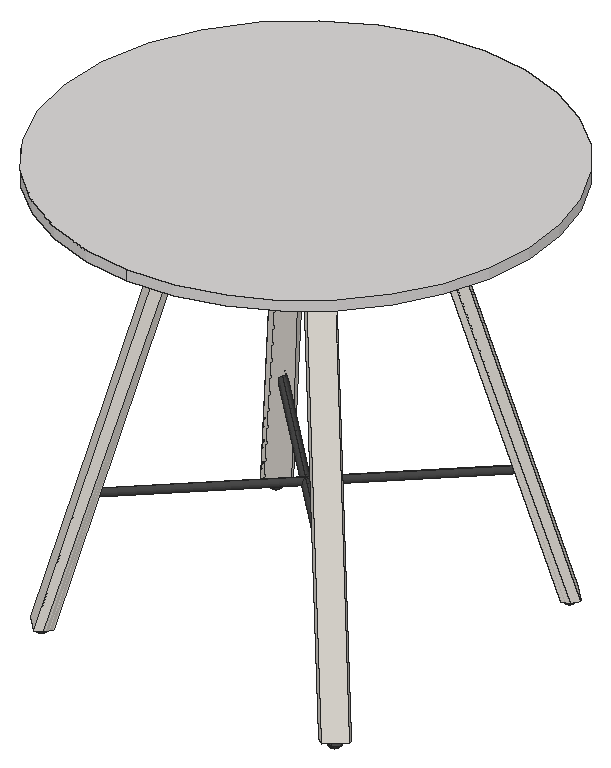
Revit family "Table-Teknion-NFTS_Wood_Table_Square-R2020", category Furniture, Revit 2020 (continued)
Dimensions and locks (in)
  aligned and locked: curve 77 to Revolve 12
  aligned and locked: curve 78 to Revolve 12
  aligned and locked: curve 79 to Revolve 12
  aligned and locked: curve 80 to Revolve 12
  aligned and locked: curve 83 to Revolve 14
  aligned and locked: curve 84 to Revolve 14
  aligned and locked: curve 85 to Revolve 14
  aligned and locked: curve 86 to Revolve 14
  aligned and locked: curve 87 to Revolve 14
  aligned and locked: curve 88 to Revolve 14
  aligned and locked: curve 89 to Revolve 14
  aligned and locked: curve 90 to Revolve 14
  aligned and locked: curve 91 to Revolve 14
  aligned and locked: curve 92 to Revolve 14
  aligned and locked: curve 93 to SweptBlend 6
  aligned and locked: curve 94 to SweptBlend 6
  aligned and locked: curve 95 to SweptBlend 6
  aligned and locked: curve 96 to SweptBlend 6
  aligned and locked: curve 97 to SweptBlend 6
  aligned and locked: curve 98 to SweptBlend 6
  aligned and locked: curve 99 to SweptBlend 6
  aligned and locked: curve 100 to SweptBlend 6
  aligned and locked: curve 102 to SweptBlend 6
  aligned and locked: curve 103 to SweptBlend 6
  aligned and locked: curve 104 to SweptBlend 6
  aligned and locked: curve 105 to SweptBlend 6
  aligned and locked: curve 106 to SweptBlend 6
  aligned and locked: curve 107 to SweptBlend 6
  aligned and locked: curve 108 to SweptBlend 6
  aligned and locked: curve 109 to SweptBlend 6
  aligned and locked: curve 110 to SweptBlend 6
  aligned and locked: curve 111 to SweptBlend 7
  aligned and locked: curve 112 to SweptBlend 7
  aligned and locked: curve 113 to SweptBlend 7
  aligned and locked: curve 114 to SweptBlend 7
  aligned and locked: curve 115 to SweptBlend 7
  aligned and locked: curve 116 to SweptBlend 7
  aligned and locked: curve 117 to SweptBlend 7
  aligned and locked: curve 118 to SweptBlend 7
  aligned and locked: curve 119 to SweptBlend 7
  aligned and locked: curve 120 to SweptBlend 7
  aligned and locked: curve 121 to SweptBlend 7
  aligned and locked: curve 122 to SweptBlend 7
  aligned and locked: curve 123 to SweptBlend 7
  aligned and locked: curve 124 to SweptBlend 7
  aligned and locked: curve 126 to SweptBlend 7
  aligned and locked: curve 127 to SweptBlend 7
  aligned and locked: curve 128 to SweptBlend 7
  aligned and locked: curve 129 to Revolve 13
  aligned and locked: curve 130 to Revolve 13
  aligned and locked: curve 131 to Revolve 13
  aligned and locked: curve 132 to Revolve 13
  aligned and locked: curve 133 to Revolve 13
  aligned and locked: curve 134 to Revolve 13
  aligned and locked: curve 135 to Revolve 13
  aligned and locked: curve 136 to Revolve 13
  aligned and locked: curve 139 to SweptBlend 16
  aligned and locked: curve 141 to Revolve 13
  aligned and locked: curve 142 to Revolve 13
  aligned and locked: curve 145 to SweptBlend 8
  aligned and locked: curve 146 to SweptBlend 8
  aligned and locked: curve 147 to SweptBlend 8
  aligned and locked: curve 148 to SweptBlend 8
  aligned and locked: curve 149 to SweptBlend 8
  aligned and locked: curve 150 to SweptBlend 8
  aligned and locked: curve 151 to SweptBlend 8
  aligned and locked: curve 152 to SweptBlend 8
  aligned and locked: curve 153 to SweptBlend 8
  aligned and locked: curve 154 to SweptBlend 8
  aligned and locked: curve 155 to SweptBlend 8
  aligned and locked: curve 156 to SweptBlend 8
  aligned and locked: curve 157 to SweptBlend 8
  aligned and locked: curve 158 to SweptBlend 8
  aligned and locked: curve 159 to SweptBlend 8
  aligned and locked: curve 160 to SweptBlend 8
  aligned and locked: curve 161 to SweptBlend 8
  aligned and locked: curve 162 to SweptBlend 8
  aligned and locked: curve 165 to Revolve 15
  aligned and locked: curve 166 to Revolve 15
  aligned and locked: curve 167 to Revolve 15
  aligned and locked: curve 168 to Revolve 15
  aligned and locked: curve 169 to Revolve 15
  aligned and locked: curve 170 to Revolve 15
  aligned and locked: curve 171 to Revolve 15
  aligned and locked: curve 172 to Revolve 15
  aligned and locked: curve 173 to Revolve 15
  aligned and locked: curve 174 to Revolve 15
  aligned and locked: plane 1 "Center Front/Back" to nested 1
  aligned and locked: plane 3 "Center Left/Right" to nested 1
  aligned and locked: plane 6 "Back" to Sweep 1
  aligned and locked: Sweep 1 to Sweep 20 sketch curve
  aligned and locked: Masking region 1 sketch curve to Sweep 1  (x2)
  aligned and locked: curve 175 to Sweep 2
  aligned and locked: curve 176 to Sweep 3
  aligned and locked: curve 177 to Sweep 2
  aligned and locked: curve 178 to Sweep 3
  aligned and locked: curve 179 to SweptBlend 9
  aligned and locked: curve 180 to SweptBlend 9
  aligned and locked: curve 181 to SweptBlend 9
  aligned and locked: curve 182 to SweptBlend 9
Automatic sketch dimensions
  SweptBlend 5 sketch curve to plane 8 "Top" = 5.250"
  Sweep 1 sketch curve to plane 3 "Center Left/Right" = 0.000"
  level to SweptBlend 8 sketch curve = 0.66929"
  SweptBlend 8 sketch curve to plane 8 "Top" = 1.000"
  level to SweptBlend 9 sketch curve = 0.66929"
  SweptBlend 9 sketch curve to plane 8 "Top" = 1.000"
  profile plane to SweptBlend 4 sketch curve = 0.3154"
  SweptBlend 4 sketch curve to SweptBlend 4 sketch curve = 0.000"
  SweptBlend 4 sketch curve to SweptBlend 4 sketch curve = 0.31572"
  SweptBlend 4 sketch curve to profile plane = 0.30889"
  SweptBlend 4 sketch curve to profile plane = 0.29671"
  profile plane to SweptBlend 4 sketch curve = 0.28134"
  profile plane to SweptBlend 4 sketch curve = 0.30825"
  profile plane to SweptBlend 4 sketch curve = 0.26527"
  SweptBlend 4 sketch curve to SweptBlend 4 sketch curve = 0.27296"
  SweptBlend 4 sketch curve to profile plane = 0.28064"
  SweptBlend 4 sketch curve to SweptBlend 4 sketch curve = 0.28902"
  SweptBlend 4 sketch curve to SweptBlend 4 sketch curve = 0.30857"
  plane 18 to SweptBlend 6 sketch curve = 0.01584"
  SweptBlend 4 sketch curve to profile plane = 0.00768"
  profile plane to SweptBlend 4 sketch curve = 9.40192"
  SweptBlend 7 sketch curve to plane 17 = 0.000"
  Sweep 10 sketch curve to Sweep 10 sketch curve = 0.050"
  Sweep 10 sketch curve to Sweep 10 sketch curve = 0.09265"  (x2)
  Sweep 10 sketch curve to Sweep 10 sketch curve = 0.04265"
  Sweep 11 sketch curve to Sweep 11 sketch curve = 0.107"  (x2)
  Revolve 13 sketch curve to Revolve 13 sketch curve = 0.000"
  Revolve 15 sketch curve to plane 10 = 0.000"
  profile plane to SweptBlend 16 sketch curve = 0.00028"
  profile plane to SweptBlend 16 sketch curve = 0.08664"
  SweptBlend 16 sketch curve to SweptBlend 16 sketch curve = 0.00735"
  SweptBlend 16 sketch curve to plane 11 = 0.19119"
  SweptBlend 16 sketch curve to SweptBlend 16 sketch curve = 0.00752"
  SweptBlend 16 sketch curve to SweptBlend 16 sketch curve = 0.09153"
  SweptBlend 16 sketch curve to SweptBlend 16 sketch curve = 0.000"
  SweptBlend 16 sketch curve to profile plane = 0.000"
  plane 11 to SweptBlend 16 sketch curve = 0.01477"
  SweptBlend 16 sketch curve to SweptBlend 16 sketch curve = 0.08645"
  SweptBlend 16 sketch curve to plane 10 = 0.08843"
  plane 10 to SweptBlend 16 sketch curve = 0.11895"
  SweptBlend 17 sketch curve to plane 12 = 0.01017"
  SweptBlend 17 sketch curve to plane 12 = 0.27242"
  SweptBlend 17 sketch curve to SweptBlend 17 sketch curve = 0.000"
  SweptBlend 17 sketch curve to profile plane = 0.036"
  SweptBlend 17 sketch curve to plane 9 = 0.01848"
  profile plane to SweptBlend 17 sketch curve = 0.04883"
  SweptBlend 17 sketch curve to profile plane = 0.09144"
  SweptBlend 17 sketch curve to SweptBlend 17 sketch curve = 0.00048"
  SweptBlend 17 sketch curve to SweptBlend 17 sketch curve = 0.00046"
  SweptBlend 17 sketch curve to profile plane = 0.00599"
  SweptBlend 17 sketch curve to SweptBlend 17 sketch curve = 0.08545"
  plane 9 to SweptBlend 17 sketch curve = 0.09951"
  profile plane to Sweep 19 sketch curve = 0.15042"
  profile plane to Sweep 19 sketch curve = 0.03125"
  Sweep 19 sketch curve to Sweep 19 sketch curve = 0.12179"
  Sweep 19 sketch curve to Sweep 19 sketch curve = 0.000"
  Revolve 18 sketch curve to Revolve 18 sketch curve = 0.000"
  curve 163 to plane 9 = 0.000"
  curve 81 to plane 11 = 0.000"
  curve 67 to plane 9 = 0.10723"
  plane 9 to curve 68 = 0.06955"
  plane 9 to curve 67 = 0.09951"
  curve 68 to plane 12 = 0.10189"
  curve 66 to curve 68 = 0.17632"
  curve 139 to plane 10 = 0.08871"
  curve 140 to plane 11 = 0.09942"
  curve 139 to plane 11 = 0.06955"
  curve 71 to curve 68 = 0.01264"
  curve 67 to plane 12 = 0.05724"
  curve 71 to curve 67 = 0.14696"
  curve 3 to curve 7 = 0.925"
  curve 5 to curve 1 = 0.925"
  curve 140 to curve 141 = 0.1427"
  plane 12 to curve 70 = 0.02454"
  curve 70 to curve 67 = 0.03402"
  curve 69 to curve 70 = 0.000"  (x2)
  plane 9 to curve 164 = 0.12179"
  curve 163 to curve 164 = 0.000"
  curve 66 to curve 66 = 0.0877"
  curve 66 to curve 65 = 0.00046"  (x2)
  curve 68 to curve 66 = 0.03416"
  curve 138 to curve 139 = 0.04184"
  curve 138 to curve 137 = 0.00754"
  curve 137 to curve 138 = 0.11831"
  curve 138 to curve 137 = 0.00752"
  curve 81 to plane 11 = 0.12071"
  curve 82 to curve 81 = 0.000"
  plane 11 to curve 143 = 0.01477"
  curve 144 to curve 143 = 0.000"
  curve 143 to plane 10 = 0.05773"
  plane 11 to curve 143 = 0.10714"
  curve 140 to plane 10 = 0.05752"
  plane 10 to curve 144 = 0.02677"
  curve 143 to curve 144 = 0.000"
  curve 81 to curve 83 = 0.04919"
  curve 83 to curve 82 = 0.06881"
  curve 170 to curve 164 = 0.11032"
  curve 164 to curve 165 = 0.06767"
  plane 1 "Center Front/Back" to Sweep 1 sketch curve = 0.000"
  Sweep 1 sketch curve to profile plane = 0.000"
  Sweep 20 sketch curve to plane 14 = 9.57173"
  curve 182 to curve 57 = 0.000"
  curve 184 to curve 52 = 0.16539"
  curve 186 to curve 52 = 0.16543"
  curve 188 to curve 188 = 0.34793"
  curve 190 to curve 183 = 0.34794"
  curve 111 to curve 192 = 0.16539"
  curve 191 to curve 194 = 0.34794"
  curve 196 to curve 196 = 0.34793"
  curve 198 to curve 198 = 0.21591"
  Sweep 2 sketch curve to profile plane = 0.000"
  Sweep 3 sketch curve to profile plane = 0.000"
Nested families (in)
  nested 1: "Teknion_2D_Node_Family-R2020" at (0, 0, 0) x (0.7071, -0.7071, 0) z (0, 0, 1), type "Teknion_2D_Node_Family-R2020"
Definition of nested family "Teknion_2D_Node_Family-R2020"
  Reference planes (in)
    plane 1 "Center (Front/Back)": y = 0
    plane 2: z = 0
    plane 3 "Center (Left/Right)": x = 0
  Lines and regions (in)
    detail lines, in view "Ref. Level"
      curve 1: circle (0, 0, 0) r 1.25 normal (0, 0, 1)
      curve 2: line (1.91508, -1.91508, 0) -> (-1.91508, 1.91508, 0)
      curve 3: line (-1.91508, -1.91508, 0) -> (1.91508, 1.91508, 0)
Types (4): name | Wood Leg Finish | Top Finish | Model | Leg Support Height | Leg Support | Leg Dis | Height | Diagonal dis | Description
  (no name) | Laminate - Teknion - LW - Storm White | Laminate - Teknion - 2T -Crisp Grey | "NFTR4246" | 12.113" | yes | 30.19371" | 42.000" | 21.35018" | "Wood Table-Round, 42\" Height,46\" Size"
  29" Height | Veneer - Teknion - MP - Natural Maple | Laminate - Teknion - LW - Storm White | "NFTR2946" | 6.11299" | no | 27.073" | 29.000" | 19.1435" | "Wood Table-Round, 29\" Height,46\" Size"
  36" Height | none | none | "NFTR3646" | 6.11299" | yes | 27.601" | 36.000" | 19.51685" | "Wood Table-Round, 36\" Height,46\" Size"
  42" Height | Laminate - Teknion - LW - Storm White | Laminate - Teknion - 2T -Crisp Grey | "NFTR4246" | 12.113" | yes | 30.19371" | 42.000" | 21.35018" | "Wood Table-Round, 42\" Height,46\" Size"
